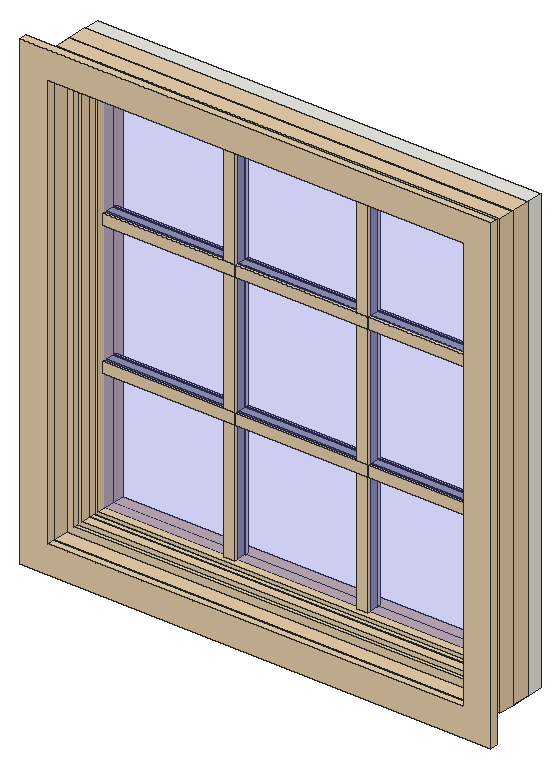
Revit family "1 Window-Picture-Andersen-400_Series_Single", category Windows, host Wall, Revit 2014
Parameters
  XPanelWidth = Width - 0' 1 1/8"  # 2' - 10 7/8"
  XPanelHeight = Height - 0' 1 1/8"  # 2' - 10 7/8"
  Visual Light Transmittance = 0.48  # constant formula
  Thermal Resistance (R) = 0.62871  # 3.5700 (h·ft²·°F)/BTU
  TFL = if(Fractional Lights High > 5, 3, if(or(Fractional Lights High = 4, Fractional Lights High = 5), 2, if(or(Fractional Lights High = 2, Fractional Lights High = 3), 1, 1)))  # 2
  TFB = TFL - 1  # 1
  Solar Heat Gain Coefficient = 0.21  # constant formula
  Learn About These Parameters = "http://www.andersenwindows.com/for-professionals/cad-symbols-bim-support-window-doors/bim-support"
  LWide = if(Enter Pattern Number = 3, 3, if(Enter Pattern Number = 1, . . Lights Wide, Fractional Lights Wide))  # 3
  Heat Transfer Coefficient (U) = 1.5899  # 0.2800 BTU/(h·ft²·°F)
  Glazing Material = Glass ‐ Andersen - Low-E4 SmartSun
  Fractional Lights Wide = 3
  Fractional Lights High = 5
  Exterior Unit Finish = Vinyl - Andersen - White
  Enter Jamb Condition = 1
  ..Jamb Condition Number 1 = "Extension Jamb Only"  # constant formula
  ..Jamb Condition Number 2 = "Narrow Drywall Return"  # constant formula
  ..Jamb Condition Number 3 = "Wide Drywall Return"  # constant formula
  Available Grille Bar Sizes = "3/4'', 7/8'', 1 1/8'', 2 1/4''"  # constant formula
  Between Glass Grille Bar Sizes = "3/4'', 1''"  # constant formula
  Interior Casing = yes
  Grille Bar Size = 0' - 0 7/8"
  Enter Pattern Number = 1
  ..Pattern Number 1 = "Colonial"  # constant formula
  . . Lights Wide = 3
  . . Lights High = 3
  ..Pattern Number 2 = "Modified Colonial"  # constant formula
  ..Pattern Number 3 = "Prairie"  # constant formula
  ..Pattern Number 4 = "Short Fractional"  # constant formula
  ..Pattern Number 5 = "Tall Fractional"  # constant formula
  Extension Jamb = yes
  Enter Exterior Trim Number = 0
  ..Exterior Trim Number 0 = "No Exterior Trim"  # constant formula
  ..Exterior Trim Number 1 = "Brick Mould"  # constant formula
  ..Exterior Trim Number 2 = "3 1/2'' Flat Casing"  # constant formula
  ..Exterior Trim Number 3 = "4 1/2'' Flat Casing"  # constant formula
  Interior Grille Bar = yes
  Exterior Grille Bar = yes
  Between Glass Grille Bar = yes
  xjamb Visibility [instance] = and(and(Enter Jamb Condition = 1, Wall Depth > 0' 2 7/8"), Extension Jamb)  # yes
  xjamb S1 [instance] = if(Wall Depth > 0' 3", Wall Depth - 0' 2 27/32", 0' 3")  # 0' - 1 23/32"
  sill nose1 = 0' - 1 13/16"  # constant formula
  sill nose 2 = 0' - 1 15/16"  # constant formula
  casingS2 = if(Enter Exterior Trim Number = 1, 0' 0 3/16", 0' 0 3/16")  # 0' - 0 3/16"
  casingS1 = if(Enter Exterior Trim Number = 1, 0' 0 7/16", 0' 0 3/16")  # 0' - 0 3/16"
  casing4 = if(Enter Exterior Trim Number = 1, 0' 1 3/4", if(Enter Exterior Trim Number = 2, 0' 3 1/4", 0' 4 1/4"))  # 0' - 4 1/4"
  casing3 = 0' - 0 1/2"  # constant formula
  casing2 = 0' - 0 7/8"  # constant formula
  casing1 = 0' - 0 1/4"  # constant formula
  Xjamb 2 = if(or(Enter Jamb Condition = 2, Enter Jamb Condition = 3), 0' 0 1/32", 0' 0 1/2")  # 0' - 0 1/2"
  Xjamb 1 = if(or(Enter Jamb Condition = 2, Enter Jamb Condition = 3), 0' 0 5/8", 0' 1 3/32")  # 0' - 1 3/32"
  Wall Thickness [instance] = 0' - 6"
  Wall Depth [instance] = 0' - 4 9/16"
  Void Offset 2 = if(Enter Exterior Trim Number > 0, 0' 1 15/16", 0' 0")  # 0' - 0"
  Void Offset 1 = if(Enter Exterior Trim Number > 0, casing4, 0' 0")  # 0' - 0"
  Void Depth [instance] = if(Wall Thickness > Wall Depth, 0' 1" + Wall Thickness - Wall Depth, 0' 1")  # 0' - 2 7/16"
  VeriLock Sensor [instance] = no
  VGB DLO = if(Enter Pattern Number = 3, 0' 4", (H DLO - (Grille Bar Size * (V Bars))) / if(LWide > 2, LWide, 3))  # 0' - 9.91667"
  V Bars = if(Enter Pattern Number = 3, 2, if(LWide > 2, LWide - 1, 2))  # 2
  URL = "www.andersenwindows.com"
  Type Comments = "Vinyl-clad wood casement/awning picture window"
  TS V DLO = Height - HGO - SGO  # 2' - 7 1/2"
  TS V Bar Length = if(or(Enter Pattern Number = 5, Enter Pattern Number = 2), ((((Height - HGO - SGO - (Grille Bar Size * (Fractional Lights High - 1))) / Fractional Lights High)) * TFL) + (TFB * Grille Bar Size), if(Enter Pattern Number = 4, ((Height - HGO - SGO - (Grille Bar Size * (Fractional Lights High - 1))) / Fractional Lights High), Height - HGO - SGO))  # 2' - 7 1/2"
  TS SH DLO = if(or(Enter Pattern Number = 5, Enter Pattern Number = 2), ((((Height - HGO - SGO - (Grille Bar Size * (Fractional Lights High - 1))) / Fractional Lights High)) * TFL) + (TFB * Grille Bar Size) + HGO + (Grille Bar Size / 2), if(Enter Pattern Number = 4, TS V Bar Length + HGO + (Grille Bar Size / 2), (TS V DLO / 2) + HGO))  # 1' - 6"
  TS S V = or(and(LWide = 2, Enter Pattern Number = 1), and(Fractional Lights Wide = 2, or(or(Enter Pattern Number = 2, Enter Pattern Number = 4), Enter Pattern Number = 5)))  # no
  TS S H Craftsman = and(Enter Pattern Number = 2, or(Fractional Lights High = 4, Fractional Lights High = 5))  # no
  TS S H = or(or(or(and(. . Lights High = 2, Enter Pattern Number = 1), and(Enter Pattern Number = 4, Fractional Lights High > 1)), and(Enter Pattern Number = 5, Fractional Lights High > 1)), and(Enter Pattern Number = 2, Fractional Lights High > 1))  # no
  TS M V = LWide > 2  # yes
  TS M H = or(or(Enter Pattern Number = 3, and(. . Lights High > 2, Enter Pattern Number = 1)), and(Enter Pattern Number = 2, Fractional Lights High > 5))  # yes
  TS HGB DLO = if(Enter Pattern Number = 1, if(. . Lights High > 2, ((TS V Bar Length - (Grille Bar Size * (. . Lights High - 1))) / . . Lights High), 0' 4"), if(Enter Pattern Number = 3, 0' 4", if(Fractional Lights High > 2, ((TS V Bar Length - (Grille Bar Size * 2)) / 3), 0' 4")))  # 0' - 9.91667"
  TS H Bars = if(Enter Pattern Number = 3, 2, if(Enter Pattern Number = 1, if(. . Lights High > 2, . . Lights High - 1, 2), 2))  # 2
  Step Visibility = or(Enter Jamb Condition = 2, Enter Jamb Condition = 3)  # no
  Step Jamb2 = if(Enter Jamb Condition = 2, 0' 0 1/4", 0' 0 13/16")  # 0' - 0 13/16"
  Step Jamb1 = 0' - 1 1/8"  # constant formula
  Sill Stop Dim [instance] = 0' - 2 1/2"
  SGO = 0' - 2 1/4"  # constant formula
  Rough Width = Width + (Rough Opening Offset * 2)  # 3' - 0 1/2"
  Rough Opening Offset = 0' - 0 1/4"
  Rough Height = Height + (Rough Opening Offset * 2)  # 3' - 0 1/2"
  Push Out Stop Visibility [instance] = no
  Product Documentation Link = "https://www.andersenwindows.com/windows-and-doors/windows/picture-windows/400-series-picture-window/"
  Plan Exterior Mask Visibility [instance] = Plan Exterior Mask 2 > 0' 0 1/32"  # yes
  Plan Exterior Mask 2 [instance] = if(Enter Exterior Trim Number > 0, if(Wall Depth + 0' 1 1/16" + casingS1 > Wall Thickness, 0' 0 1/32", Wall Thickness - Wall Depth - 0' 1 1/16" - casingS1), if(Wall Depth + 0' 1 1/16" > Wall Thickness, 0' 0 1/32", Wall Thickness - Wall Depth - 0' 0 1/16"))  # 0' - 1 3/8"
  Plan Exterior Mask [instance] = if(Enter Exterior Trim Number > 0, 0' 1 1/16" + casingS1, 0' 1 1/16")  # 0' - 1 1/16"
  Nail Fin Visibility = Enter Exterior Trim Number = 0  # yes
  Model = "400-Series Casement/Awning Picture"  # constant formula
  Masonry Width = if(Enter Exterior Trim Number > 0, Width + ((casing4 + Masonry Opening Offset) * 2), Width + (Masonry Opening Offset * 2))  # 3' - 0 1/2"
  Masonry Opening Offset = 0' - 0 1/4"
  Masonry Height = if(Enter Exterior Trim Number > 0, Height + (casing4 + Masonry Opening Offset) + (sill nose 2 + Masonry Opening Offset), Height + (Masonry Opening Offset * 2))  # 3' - 0 1/2"
  Manufacturer = "Andersen Corporation"  # constant formula
  JGO = 0' - 2 1/4"  # constant formula
  Interior Trim Visibility = and(Enter Jamb Condition = 1, Interior Casing)  # yes
  Interior Material = Wood - Andersen - Pine
  Interior Casing Size = 0' - 2 1/4"
  Horizontal Craftsman Bar Size = 0' - 0 7/8"
  Height = 3' - 0"
  Head Stop Dim [instance] = 0' - 2 17/64"
  HGO = 0' - 2 1/4"  # constant formula
  H DLO = Width - (JGO * 2)  # 2' - 7 1/2"
  Family Version = "01.01.19"  # constant formula
  Exterior Trim Finish = Fibrex Composite - Andersen - White
  Designation = "P"
  Description = "Vinyl-clad wood casement/awning picture window"  # constant formula
  Default Sill Height = 6' 10 1/2" - Rough Height  # 3' - 10"
  Wall Closure = By host
  Width = 3' - 0"
  Crank Out Stop Visibility [instance] = yes
  Coarse Plan [instance] = if(Wall Depth < Wall Thickness, Wall Depth, Wall Thickness)  # 0' - 4 9/16"
  Casing Visibility = Enter Exterior Trim Number > 0  # no
  Between Glass Grille Bar Finish = Stainless Steel - Andersen - Standard
  Bar Center Line = if(Enter Pattern Number = 3, 1, 2)  # 2
  Assembly Code = "B2020100"
Reference planes (in)
  plane 1 "Center (Front/Back)": y = 0
  plane 2: z = 0
  plane 3 "Center (Left/Right)": x = 0
  plane 4 "R Frame": x = -18
  plane 5 "L Frame": x = 18
  plane 6 "B Frame": z = 46.25
  plane 7 "T Frame": z = 82.25
  plane 8 "L Glazing": x = 15.75
  plane 9 "L Ext Frame": x = 17.4375
  plane 10 "L Stop": x = 16
  plane 11 "L Xjamb 1": x = 16.90625
  plane 12 "L Casing 1": x = 17.75
  plane 13 "L Xjamb 2": x = 17.5
  plane 14 "L Rough Opening": x = 18.25
  plane 15 "L Casing 2": x = 21.375
  plane 16 "L Casing 3": x = 21.75
  plane 17 "L Casing 4": x = 22.25
  plane 18 "R Glazing": x = -15.75
  plane 19 "R Ext Frame": x = -17.4375
  plane 20 "R Stop": x = -16
  plane 21 "R Xjamb 1": x = -16.90625
  plane 22 "R Casing 1": x = -17.75
  plane 23 "R Xjamb 2": x = -17.5
  plane 24 "R Rough Opening": x = -18.25
  plane 25 "R Casing 2": x = -21.375
  plane 26 "R Casing 3": x = -21.75
  plane 27 "R Casing 4": x = -22.25
  plane 28 "R Int Casing": x = -19.15625
  plane 29 "T Ext Frame": z = 81.68689
  plane 30 "T Xjamb 1": z = 81.125
  plane 31 "T Casing 1": z = 82
  plane 32 "T Xjamb 2": z = 81.75
  plane 33 "T Rough Opening": z = 82.5
  plane 34 "T Casing 2": z = 85.625
  plane 35 "T Casing 3": z = 86
  plane 36 "T Casing 4": z = 86.5
  plane 37 "T Int Casing": z = 83.375
  plane 38 "B Ext Frame": z = 46.81311
  plane 39 "B Xjamb 2": z = 46.75
  plane 40 "B Casing 1": z = 46.5
  plane 41 "B Casing 2": z = 44.3125
  plane 42 "B Int Casing": z = 45.125
  plane 43 "L Int Casing": x = 19.15625
  plane 44 "Casing S1": y = 3.062
  plane 45 "Casing S2": y = 3.062
  plane 46 "Frame S1": y = 2.8745
  plane 47 "Flange": y = 1.5625
  plane 48 "Sash1 S2": y = 0
  plane 49 "Frame S2": y = -1.2855
  plane 50 "B Xjamb 1": z = 47.375
  plane 51 "Exterior Offset": y = 4
  plane 52 "Interior Casing": y = -3.625
  plane 53 "B Rough Opening": z = 46
  plane 54 "R Masonry Opening": x = -22.5
  plane 55 "L Masonry Opening": x = 22.5
  plane 56 "T Masonry Opening": z = 86.75
  plane 57 "B Masonry Opening": z = 44.0625
  plane 58 "Xjamb S1": y = -1.28125
  plane 59 "Sash1 S1": y = 2.5625
  plane 60 "Stop S1": y = -1.6875
  plane 61 "T Int Frame": z = 81.125
  plane 62 "B Int Frame": z = 47.375
  plane 63 "L Int Frame": x = 16.891
  plane 64 "R Int Frame": x = -16.891
  plane 65 "T Stop": z = 80.25
  plane 66 "B Stop": z = 48.25
Forms (in)
  Extrusion 1, void
    sketch origin (0, 0, 0) x (1, 0, 0) y (0, 0, 1)
      loop
        line (18, 82.25) -> (-18, 82.25) -> (-18, 46.25) -> (18, 46.25) -> (18, 82.25)
    from -1.5625 to 3
  Extrusion 2, void
    sketch origin (0, 0, 0) x (1, 0, 0) y (0, 0, 1)
      loop
        line (18, 82.25) -> (-18, 82.25) -> (-18, 46.25) -> (18, 46.25) -> (18, 82.25)
    from -15 to -1.5625
  Extrusion 3, solid, material "Wood - Andersen - Pine" <- "Interior Material", visible <- "xjamb Visibility", detail levels medium+fine
    sketch origin (0, -2.5625, 0) x (-1, 0, 0) y (0, 0, 1)
      loop
        line (17.5, 81.75) -> (-17.5, 81.75) -> (-17.5, 46.75) -> (17.5, 46.75) -> (17.5, 81.75)
      loop
        line (16.90625, 81.125) -> (-16.90625, 81.125) -> (-16.90625, 47.375) -> (16.90625, 47.375) -> (16.90625, 81.125)
    from 1.28125 to -0.4375
  Extrusion 4, solid, material "Wood - Andersen - Pine" <- "Interior Material", visible <- "Interior Trim Visibility", detail levels fine
    sketch origin (0, -3.625, 0) x (-1, 0, 0) y (0, 0, 1)
      loop
        line (19.15625, 83.375) -> (-19.15625, 83.375) -> (-19.15625, 45.125) -> (19.15625, 45.125) -> (19.15625, 83.375)
      loop
        line (16.90625, 81.125) -> (-16.90625, 81.125) -> (-16.90625, 47.375) -> (16.90625, 47.375) -> (16.90625, 81.125)
    from 0 to 0.625
  Extrusion 5, solid, material "Fibrex Composite - Andersen - White" <- "Exterior Trim Finish", visible <- "Casing Visibility", detail levels medium+fine
    sketch origin (0, 0, 0) x (0, 1, 0) y (0, 0, 1)
      loop
        line (2.31163, 46.25) -> (1.5625, 46.25) -> (1.5625, 44.3125) -> (3.375, 44.3125) -> (3.375, 46.0625) -> (2.31163, 46.25)
    from -22.25 to 22.25
  Sweep 6, solid, material "Fibrex Composite - Andersen - White" <- "Exterior Trim Finish", visible <- "Casing Visibility", detail levels medium+fine
    path origin (0, 1.5625, 0) x (-1, 0, 0) y (0, 0, 1)
      loop
        line (-22.25, 44.3125) -> (-22.25, 86.5) -> (22.25, 86.5) -> (22.25, 44.3125)
    profile origin (22.25, 1.5625, 65.40625) x (1, 0, 0) y (0, 1, 0)
      loop
        line (-0.875, 1.4995) -> (-4.5, 1.4995) -> (-4.5, 0) -> (0, 0) -> (0, 1.4995) -> (-0.5, 1.4995) -> (-0.875, 1.4995)
  Extrusion 7, solid, material "Fibrex Composite - Andersen - White" <- "Exterior Trim Finish", visible <- "Casing Visibility", detail levels coarse
    sketch origin (0, 1.5625, 0) x (-1, 0, 0) y (0, 0, 1)
      loop
        line (-22.25, 86.5) -> (-22.25, 44.3125) -> (22.25, 44.3125) -> (22.25, 86.5) -> (-22.25, 86.5)
      loop
        line (-17.75, 82) -> (-17.75, 46.25) -> (17.75, 46.25) -> (17.75, 82) -> (-17.75, 82)
    from 0 to 1.4995
  Extrusion 8, solid, material "Wood - Andersen - Pine" <- "Interior Material", detail levels medium+fine
    sketch origin (0, 0, 0) x (-1, 0, 0) y (0, 0, 1)
      loop
        line (17.42, 81.5) -> (-17.42, 81.5) -> (-17.42, 46.99975) -> (17.42, 46.99975) -> (17.42, 81.5)
      loop
        line (15.75, 80) -> (-15.75, 80) -> (-15.75, 48.5) -> (15.75, 48.5) -> (15.75, 80)
    from 0 to 1.5625
  Extrusion 9, solid, material "Vinyl - Andersen - White" <- "Exterior Unit Finish", detail levels medium+fine
    sketch origin (0, 0, 0) x (1, 0, 0) y (0, 0, 1)
      loop
        line (18, 82.25) -> (-18, 82.25) -> (-18, 46.25) -> (18, 46.25) -> (18, 82.25)
      loop
        line (17.4375, 81.68689) -> (-17.4375, 81.68689) -> (-17.4375, 46.81311) -> (17.4375, 46.81311) -> (17.4375, 81.68689)
    from -2.8745 to 0
  Extrusion 10, solid, material "Wood - Andersen - Pine" <- "Interior Material", detail levels medium+fine
    sketch origin (0, 0, 0) x (1, 0, 0) y (0, 0, 1)
      loop
        line (18, 82.25) -> (-18, 82.25) -> (-18, 46.25) -> (18, 46.25) -> (18, 82.25)
      loop
        line (16.891, 81.125) -> (-16.891, 81.125) -> (-16.891, 47.375) -> (16.891, 47.375) -> (16.891, 81.125)
    from 0 to 1.2855
  Extrusion 11, solid, material "Wood - Andersen - Pine" <- "Interior Material"
    sketch origin (0, 0, 0) x (1, 0, 0) y (0, 1, 0)
      loop
        line (-16.891, -1.6875) -> (-16.3125, -1.6875) -> (-16.3125, -0.4375) -> (-16, -0.4375) -> (-16, 0) -> (-16.891, 0) -> (-16.891, -1.6875)
      loop
        line (16.891, -1.6875) -> (16.891, 0) -> (16, 0) -> (16, -0.4375) -> (16.3125, -0.4375) -> (16.3125, -1.6875) -> (16.891, -1.6875)
    from 47.375 to 81.125
  Sweep 12, solid, material "Wood - Andersen - Pine" <- "Interior Material", visible <- "Step Visibility"
    path origin (0, 1.5625, 0) x (-1, 0, 0) y (0, 0, 1)
      loop
        line (18, 46.25) -> (18, 82.25) -> (-18, 82.25) -> (-18, 46.25) -> (18, 46.25)
    profile origin (-18, 1.5625, 64.25) x (1, 0, 0) y (0, 1, 0)
      loop
        line (0, -2.848) -> (0, -3.6605) -> (1.09375, -3.6605) -> (1.09375, -2.848) -> (0, -2.848)
  Extrusion 13, solid, material "Wood - Andersen - Pine" <- "Interior Material"
    sketch origin (0, 0, 0) x (0, 1, 0) y (0, 0, 1)
      loop
        line (-1.6875, 81.125) -> (-1.6875, 80.5625) -> (-0.4375, 80.5625) -> (-0.4375, 80.25) -> (0, 80.25) -> (0, 81.125) -> (-1.6875, 81.125)
      loop
        line (-0.4375, 48.25) -> (-0.4375, 47.9375) -> (-1.6875, 47.9375) -> (-1.6875, 47.375) -> (0, 47.375) -> (0, 48.25) -> (-0.4375, 48.25)
    from -16.891 to 16.891
  Sweep 14, solid, material "Wood - Andersen - Pine" <- "Interior Material"
    path origin (0, 1.5625, 0) x (-1, 0, 0) y (0, 0, 1)
      loop
        line (-18, 82.25) -> (-18, 46.25) -> (18, 46.25) -> (18, 82.25) -> (-18, 82.25)
    profile origin (18, 1.5625, 64.25) x (0, 1, 0) y (-1, 0, 0)
      loop
        line (0, 2.25) -> (-1.5625, 2.25) -> (-1.5625, 2) -> (-2.848, 2) -> (-2.848, 0) -> (0, 0) -> (0, 2.25)
Cuts and joins
  joined: Extrusion 5, Sweep 6
  joined: Extrusion 11, Extrusion 13
Lines and regions (in)
  Masking region 1, detail levels medium+fine
    outline origin (0, 0, 46.81311) x (0, -1, 0) y (1, 0, 0)
      loop
        line (-2.8745, -18) -> (1.2855, -18) -> (1.2855, -16.891) -> (1.6875, -16.891) -> (1.6875, 16.891) -> (1.2855, 16.891) -> (1.2855, 18) -> (-2.8745, 18) -> (-2.8745, -18)
  Masking region 2, visible <- "Casing Visibility", detail levels medium+fine
    outline origin (0, 0, 46.25) x (0, -1, 0) y (1, 0, 0)
      loop
        line (-2.8745, -18) -> (-2.8745, 18) -> (-1.5625, 18) -> (-1.5625, 22.25) -> (-3.062, 22.25) -> (-3.062, -22.25) -> (-1.5625, -22.25) -> (-1.5625, -18) -> (-2.8745, -18)
  Masking region 3, visible <- "Nail Fin Visibility", detail levels coarse
    outline origin (0, 0, 46.25) x (0, -1, 0) y (1, 0, 0)
      loop
        line (-4, -18) -> (3, -18) -> (3, 18) -> (-4, 18) -> (-4, -18)
  Masking region 4
    outline origin (0, 0, 0) x (0, 1, 0) y (0, 0, 1)
      loop
        line (2.8745, 82.25) -> (-1.2855, 82.25) -> (-1.2855, 81.125) -> (-1.6875, 81.125) -> (-1.6875, 47.375) -> (-1.2855, 47.375) -> (-1.2855, 46.25) -> (2.8745, 46.25) -> (2.8745, 82.25)
  Masking region 5, visible <- "Casing Visibility"
    outline origin (0, 0, 0) x (0, 1, 0) y (0, 0, 1)
      loop
        line (2.8745, 46.15075) -> (2.8745, 46.25) -> (1.5625, 46.25) -> (1.5625, 44.3125) -> (3.375, 44.3125) -> (3.375, 46.0625) -> (2.8745, 46.15075)
  Masking region 6, visible <- "Casing Visibility"
    outline origin (0, 0, 0) x (0, 1, 0) y (0, 0, 1)
      loop
        line (2.8745, 82.25) -> (2.8745, 46.15075) -> (3.062, 46.11769) -> (3.062, 86.5) -> (1.5625, 86.5) -> (1.5625, 82.25) -> (2.8745, 82.25)
  Masking region 7, visible <- "Casing Visibility", detail levels coarse
    outline origin (0, 0, 46.25) x (0, -1, 0) y (1, 0, 0)
      loop
        line (-4, -22.25) -> (-1.5625, -22.25) -> (-1.5625, -18) -> (3, -18) -> (3, 18) -> (-1.5625, 18) -> (-1.5625, 22.25) -> (-4, 22.25) -> (-4, -22.25)
  Masking region 8, visible <- "Step Visibility", detail levels medium+fine
    outline origin (0, 0, 0) x (0, 1, 0) y (0, 0, 1)
      loop
        line (-1.28125, 82.25) -> (-2.098, 82.25) -> (-2.098, 46.25) -> (-1.28125, 46.25) -> (-1.28125, 47.375) -> (-1.6875, 47.375) -> (-1.6875, 81.125) -> (-1.28125, 81.125) -> (-1.28125, 82.25)
  Masking region 9, visible <- "xjamb Visibility", detail levels medium+fine
    outline origin (0, 0, 0) x (0, 1, 0) y (0, 0, 1)
      loop
        line (-1.28125, 81.75) -> (-3, 81.75) -> (-3, 46.75) -> (-1.28125, 46.75) -> (-1.28125, 47.375) -> (-1.6875, 47.375) -> (-1.6875, 81.125) -> (-1.28125, 81.125) -> (-1.28125, 81.75)
  Masking region 10, visible <- "Interior Trim Visibility", detail levels fine
    outline origin (0, 0, 0) x (0, 1, 0) y (0, 0, 1)
      loop
        line (-3, 83.375) -> (-3.625, 83.375) -> (-3.625, 45.125) -> (-3, 45.125) -> (-3, 83.375)
  Masking region 11, visible <- "Step Visibility", detail levels medium+fine
    outline origin (0, 0, 46.25) x (0, -1, 0) y (1, 0, 0)
      loop
        line (1.28125, -18) -> (2.098, -18) -> (2.098, 18) -> (1.28125, 18) -> (1.28125, 16.891) -> (1.6875, 16.891) -> (1.6875, -16.891) -> (1.28125, -16.891) -> (1.28125, -18)
  Masking region 12, visible <- "xjamb Visibility", detail levels medium+fine
    outline origin (0, 0, 46.25) x (0, -1, 0) y (1, 0, 0)
      loop
        line (1.28125, -17.5) -> (3, -17.5) -> (3, 17.5) -> (1.28125, 17.5) -> (1.28125, 16.891) -> (1.6875, 16.891) -> (1.6875, -16.891) -> (1.28125, -16.891) -> (1.28125, -17.5)
  Masking region 13, visible <- "Interior Trim Visibility", detail levels fine
    outline origin (0, 0, 46.25) x (0, -1, 0) y (1, 0, 0)
      loop
        line (3, -19.15625) -> (3.625, -19.15625) -> (3.625, 19.15625) -> (3, 19.15625) -> (3, -19.15625)
  symbolic lines, style "WindowsFrameMullionProjection", visible <- "Casing Visibility", detail levels fine
    curve 1: line (21.75, 3.062, 46.25) -> (21.375, 3.062, 46.25)
    curve 2: line (21.375, 3.062, 46.25) -> (17.75, 3.062, 46.25)
    curve 3: line (-21.75, 3.062, 46.25) -> (-21.375, 3.062, 46.25)
    curve 4: line (-21.375, 3.062, 46.25) -> (-17.75, 3.062, 46.25)
    curve 5: line (-17.75, 3.062, 46.25) -> (-17.75, 2.8745, 46.25)
    curve 164: line (17.75, 3.062, 46.25) -> (17.75, 2.8745, 46.25)
  symbolic lines, style "WindowsFrameMullionProjection", detail levels medium
    curve 6: line (-15.75, 2.5625, 46.25) -> (-15.75, -1.6875, 46.25)
    curve 7: line (15.75, 2.5625, 46.25) -> (15.75, -1.6875, 46.25)
    curve 165: line (-17.4375, 2.8745, 46.25) -> (-17.4375, 2.5625, 46.25)
    curve 166: line (-15.75, 2.5625, 46.25) -> (-17.4375, 2.5625, 46.25)
    curve 167: line (17.4375, 2.8745, 46.25) -> (17.4375, 2.5625, 46.25)
    curve 168: line (17.4375, 2.5625, 46.25) -> (15.75, 2.5625, 46.25)
  symbolic lines, style "WindowsFrameMullionProjection", detail levels coarse
    curve 8: line (-15.75, -3, 46.25) -> (-15.75, 4, 46.25)
    curve 9: line (15.75, -3, 46.25) -> (15.75, 4, 46.25)
  symbolic lines, style "WindowsGlassProjection", detail levels coarse
    curve 10: line (-15.75, 0, 46.25) -> (15.75, 0, 46.25)
    curve 11: line (-15.75, 1, 46.25) -> (15.75, 1, 46.25)
  symbolic lines, style "WindowsFrameMullionProjection", visible <- "Casing Visibility"
    curve 12: line (0, 3.062, 86) -> (0, 3.062, 85.625)
    curve 13: line (0, 3.062, 85.625) -> (0, 3.062, 82)
    curve 14: line (0, 3.062, 82) -> (0, 2.8745, 82)
    curve 108: line (-22.25, 3.062, 46.25) -> (-22.25, 1.5625, 46.25)
    curve 110: line (22.25, 3.062, 46.25) -> (22.25, 1.5625, 46.25)
    curve 112: line (0, 3.062, 86.5) -> (0, 1.5625, 86.5)
    curve 114: line (0, 3.062, 44.3125) -> (0, 1.5625, 44.3125)
  symbolic lines, style "WindowsFrameMullionProjection", visible <- "Casing Visibility", detail levels medium
    curve 15: line (-18, 2.8745, 46.25) -> (-18, 3.062, 46.25)
    curve 16: line (18, 3.062, 46.25) -> (18, 2.8745, 46.25)
  symbolic lines, style "WindowsFrameMullionProjection", visible <- "Nail Fin Visibility", detail levels medium+fine
    curve 17: line (-18, 1.5625, 0) -> (-19.5, 1.5625, 0)
    curve 39: line (18, 1.5625, 0) -> (19.5, 1.5625, 0)
  symbolic lines, style "WindowsFrameMullionProjection", detail levels fine
    curve 18: line (-16, 0, 0) -> (-16, -0.4375, 0)
    curve 19: line (-17.3575, 2.4375, 0) -> (-17.3575, 2.5625, 0)
    curve 20: line (-17.3575, 2.5625, 0) -> (-16.30567, 2.5625, 0)
    curve 23: line (-15.81277, 0, 0) -> (-15.75, 0.6875, 0)
    curve 31: line (-15.81277, 2.1875, 0) -> (-15.75, 1.5625, 0)
    curve 35: line (-15.875, 0.8125, 0) -> (-15.875, 1.4375, 0)
    curve 40: line (16, 0, 0) -> (16, -0.4375, 0)
    curve 41: line (17.3575, 2.4375, 0) -> (17.3575, 2.5625, 0)
    curve 42: line (17.3575, 2.5625, 0) -> (16.30567, 2.5625, 0)
    curve 45: line (15.81277, 0, 0) -> (15.75, 0.6875, 0)
    curve 46: line (15.81277, 2.1875, 0) -> (15.75, 1.5625, 0)
    curve 49: line (15.875, 0.8125, 0) -> (15.875, 1.4375, 0)
    curve 61: line (0, 1.4375, 80.125) -> (0, 0.8125, 80.125)
    curve 66: line (-16, -0.4375, 0) -> (-16.3125, -0.4375, 0)
    curve 67: line (-16.3125, -0.4375, 0) -> (-16.3125, -1.6875, 0)
    curve 70: line (16, -0.4375, 0) -> (16.3125, -0.4375, 0)
    curve 71: line (16.3125, -0.4375, 0) -> (16.3125, -1.6875, 0)
    curve 85: line (-17.3575, 2.4375, 0) -> (-17.4375, 2.4375, 0)
    curve 86: line (-16.25253, 2.1875, 0) -> (-15.81277, 2.1875, 0)
    curve 87: line (-16.625, 0, 0) -> (-15.81277, 0, 0)
    curve 88: line (-16.625, -1.09375, 0) -> (-16.891, -1.09375, 0)
    curve 93: line (17.3575, 2.4375, 0) -> (17.4375, 2.4375, 0)
    curve 94: line (16.25253, 2.1875, 0) -> (15.81277, 2.1875, 0)
    curve 95: line (16.625, 0, 0) -> (15.81277, 0, 0)
    curve 96: line (16.625, -1.09375, 0) -> (16.891, -1.09375, 0)
    curve 97: line (-17.4375, 2.4375, 0) -> (-17.4375, 2.8745, 0)
    curve 99: line (17.4375, 2.4375, 0) -> (17.4375, 2.8745, 0)
    curve 100: line (-16.30567, 2.5625, 0) -> (-16.25253, 2.1875, 0)
    curve 102: line (16.30567, 2.5625, 0) -> (16.25253, 2.1875, 0)
    curve 137: line (-16.625, 1.5625, 0) -> (-16.625, -1.09375, 0)
    curve 139: line (16.625, 1.5625, 0) -> (16.625, -1.09375, 0)
    curve 140: line (-16.891, -1.09375, 0) -> (-16.891, -1.2855, 0)
    curve 142: line (16.891, -1.09375, 0) -> (16.891, -1.2855, 0)
    curve 154: line (0, 1.4375, 48.375) -> (0, 0.8125, 48.375)
  symbolic lines, style "WindowsGlassProjection", detail levels fine
    curve 21: line (-15.75, 1.5625, 0) -> (-16.625, 1.5625, 0)
    curve 22: line (-15.75, 0.6875, 0) -> (-16.625, 0.6875, 0)
    curve 33: line (-15.75, 1.4375, 0) -> (-16.625, 1.4375, 0)
    curve 34: line (-15.75, 0.8125, 0) -> (-16.625, 0.8125, 0)
    curve 43: line (15.75, 1.5625, 0) -> (16.625, 1.5625, 0)
    curve 44: line (15.75, 0.6875, 0) -> (16.625, 0.6875, 0)
    curve 47: line (15.75, 1.4375, 0) -> (16.625, 1.4375, 0)
    curve 48: line (15.75, 0.8125, 0) -> (16.625, 0.8125, 0)
    curve 59: line (0, 1.4375, 80.89) -> (0, 1.4375, 80)
    curve 60: line (0, 0.8125, 80.89) -> (0, 0.8125, 80)
    curve 152: line (0, 1.4375, 47.61) -> (0, 1.4375, 48.5)
    curve 153: line (0, 0.8125, 47.61) -> (0, 0.8125, 48.5)
  symbolic lines, style "WindowsFrameMullionProjection", visible <- "Nail Fin Visibility", not visible, detail levels medium+fine
    curve 24: line (-35.18862, 120.69666, 0) -> (-36.68862, 120.69666, 0)
  symbolic lines, style "WindowsFrameMullionProjection", not visible, detail levels fine
    curve 25: line (-33.18862, 119.13416, 0) -> (-33.18862, 118.69666, 0)
    curve 26: line (-34.54612, 121.57166, 0) -> (-34.54612, 121.69666, 0)
    curve 27: line (-34.54612, 121.69666, 0) -> (-33.49429, 121.69666, 0)
    curve 30: line (-33.00138, 119.13416, 0) -> (-32.93862, 119.82166, 0)
    curve 32: line (-33.00138, 121.32166, 0) -> (-32.93862, 120.69666, 0)
    curve 38: line (-33.06362, 119.94666, 0) -> (-33.06362, 120.57166, 0)
    curve 68: line (-33.18862, 118.69666, 0) -> (-33.50112, 118.69666, 0)
    curve 69: line (-33.50112, 118.69666, 0) -> (-33.50112, 117.44666, 0)
    curve 89: line (-34.54612, 121.57166, 0) -> (-34.62612, 121.57166, 0)
    curve 90: line (-33.44115, 121.32166, 0) -> (-33.00138, 121.32166, 0)
    curve 91: line (-33.81362, 119.13416, 0) -> (-33.00138, 119.13416, 0)
    curve 92: line (-33.81362, 118.04041, 0) -> (-34.07962, 118.04041, 0)
    curve 98: line (-34.62612, 121.57166, 0) -> (-34.62612, 122.00866, 0)
    curve 101: line (-33.49429, 121.69666, 0) -> (-33.44115, 121.32166, 0)
    curve 127: line (0, 1.4375, 80.125) -> (0, 0.8125, 80.125)
    curve 138: line (-33.81362, 120.69666, 0) -> (-33.81362, 118.04041, 0)
    curve 141: line (-34.07962, 118.04041, 0) -> (-34.07962, 117.84866, 0)
  symbolic lines, style "WindowsGlassProjection", not visible, detail levels fine
    curve 28: line (-32.93862, 120.69666, 0) -> (-33.81362, 120.69666, 0)
    curve 29: line (-32.93862, 119.82166, 0) -> (-33.81362, 119.82166, 0)
    curve 36: line (-32.93862, 120.57166, 0) -> (-33.81362, 120.57166, 0)
    curve 37: line (-32.93862, 119.94666, 0) -> (-33.81362, 119.94666, 0)
    curve 125: line (0, 1.4375, 80.89) -> (0, 1.4375, 80)
    curve 126: line (0, 0.8125, 80.89) -> (0, 0.8125, 80)
  symbolic lines, style "WindowsFrameMullionProjection"
    curve 50: line (0, 2.4375, 81.6875) -> (0, 2.8745, 81.6875)
    curve 51: line (0, -1.2855, 81.125) -> (0, -1.0925, 81.125)
    curve 52: line (0, 0, 80.25) -> (0, -0.4375, 80.25)
    curve 53: line (0, 0, 80.89) -> (0, 0, 80.11677)
    curve 55: line (0, 2.5625, 80.625) -> (0, 2.5625, 81.625)
    curve 56: line (0, 2.5625, 81.625) -> (0, 2.4375, 81.625)
    curve 57: line (0, 2.4375, 81.6875) -> (0, 2.4375, 81.625)
    curve 58: line (0, 0.6875, 80) -> (0, 0, 80.11677)
    curve 62: line (0, 2.1875, 80.55427) -> (0, 2.1875, 80.11677)
    curve 63: line (0, 2.1875, 80.11677) -> (0, 1.5625, 80)
    curve 103: line (0, 2.5625, 80.625) -> (0, 2.1875, 80.55427)
    curve 104: line (0, 1.5625, 80.89) -> (0, -1.0925, 80.89)
    curve 105: line (0, -1.0925, 81.125) -> (0, -1.0925, 80.89)
    curve 106: line (0, -0.4375, 80.5625) -> (0, -0.4375, 80.25)
    curve 107: line (0, -0.4375, 80.5625) -> (0, -1.6875, 80.5625)
    curve 109: line (-18, 1.5625, 46.25) -> (-18, -1.2855, 46.25)
    curve 111: line (18, 1.5625, 46.25) -> (18, -1.2855, 46.25)
    curve 113: line (0, 2.8745, 82.25) -> (0, -1.2855, 82.25)
    curve 115: line (0, 2.8745, 46.25) -> (0, -1.2855, 46.25)
    curve 143: line (0, 2.4375, 46.8125) -> (0, 2.8745, 46.8125)
    curve 144: line (0, -1.2855, 47.375) -> (0, -1.0925, 47.375)
    curve 145: line (0, 0, 48.25) -> (0, -0.4375, 48.25)
    curve 146: line (0, 0, 47.61) -> (0, 0, 48.38323)
    curve 148: line (0, 2.5625, 47.875) -> (0, 2.5625, 46.875)
    curve 149: line (0, 2.5625, 46.875) -> (0, 2.4375, 46.875)
    curve 150: line (0, 2.4375, 46.8125) -> (0, 2.4375, 46.875)
    curve 151: line (0, 0.6875, 48.5) -> (0, 0, 48.38323)
    curve 155: line (0, 2.1875, 47.94573) -> (0, 2.1875, 48.38323)
    curve 156: line (0, 2.1875, 48.38323) -> (0, 1.5625, 48.5)
    curve 159: line (0, 2.5625, 47.875) -> (0, 2.1875, 47.94573)
    curve 160: line (0, 1.5625, 47.61) -> (0, -1.0925, 47.61)
    curve 161: line (0, -1.0925, 47.375) -> (0, -1.0925, 47.61)
    curve 162: line (0, -0.4375, 47.9375) -> (0, -0.4375, 48.25)
    curve 163: line (0, -0.4375, 47.9375) -> (0, -1.6875, 47.9375)
  symbolic lines, style "WindowsGlassProjection"
    curve 54: line (0, 0.6875, 80) -> (0, 0.6875, 80.89)
    curve 64: line (0, 1.5625, 80) -> (0, 1.5625, 80.89)
    curve 147: line (0, 0.6875, 48.5) -> (0, 0.6875, 47.61)
    curve 157: line (0, 1.5625, 48.5) -> (0, 1.5625, 47.61)
  symbolic lines, style "WindowsFrameMullionProjection", visible <- "Nail Fin Visibility"
    curve 65: line (0, 1.5625, 83.875) -> (0, 1.5625, 82.25)
    curve 158: line (0, 1.5625, 44.625) -> (0, 1.5625, 46.25)
  symbolic lines, style "InvisibleLines", detail levels coarse
    curve 72: line (-18, -3, 0) -> (18, -3, 0)
  symbolic lines, style "WindowsFrameMullionProjection", visible <- "Step Visibility", detail levels medium+fine
    curve 73: line (0, -1.28125, 81.125) -> (0, -2.098, 81.125)
    curve 76: line (0, -1.28125, 47.375) -> (0, -2.098, 47.375)
    curve 79: line (-16.891, -1.28125, 46.25) -> (-16.891, -2.098, 46.25)
    curve 82: line (16.891, -1.28125, 46.25) -> (16.891, -2.098, 46.25)
  symbolic lines, style "WindowsFrameMullionProjection", visible <- "xjamb Visibility", detail levels medium+fine
    curve 74: line (0, -1.28125, 81.125) -> (0, -3, 81.125)
    curve 77: line (0, -1.28125, 47.375) -> (0, -3, 47.375)
    curve 80: line (-16.90625, -1.28125, 46.25) -> (-16.90625, -3, 46.25)
    curve 83: line (16.90625, -1.28125, 46.25) -> (16.90625, -3, 46.25)
  symbolic lines, style "WindowsFrameMullionProjection", visible <- "Interior Trim Visibility", detail levels fine
    curve 75: line (0, -3, 81.125) -> (0, -3.625, 81.125)
    curve 78: line (0, -3, 47.375) -> (0, -3.625, 47.375)
    curve 81: line (-16.90625, -3, 46.25) -> (-16.90625, -3.625, 46.25)
    curve 84: line (16.90625, -3, 46.25) -> (16.90625, -3.625, 46.25)
  symbolic lines, style "WindowsFrameMullionProjection", not visible
    curve 116: line (0, 2.4375, 81.6875) -> (0, 2.8745, 81.6875)
    curve 117: line (0, -1.2855, 81.125) -> (0, -1.0925, 81.125)
    curve 118: line (0, 0, 80.25) -> (0, -0.4375, 80.25)
    curve 119: line (0, 0, 80.89) -> (0, 0, 80.11677)
    curve 121: line (0, 2.5625, 80.625) -> (0, 2.5625, 81.625)
    curve 122: line (0, 2.5625, 81.625) -> (0, 2.4375, 81.625)
    curve 123: line (0, 2.4375, 81.6875) -> (0, 2.4375, 81.625)
    curve 124: line (0, 0.6875, 80) -> (0, 0, 80.11677)
    curve 128: line (0, 2.1875, 80.55427) -> (0, 2.1875, 80.11677)
    curve 129: line (0, 2.1875, 80.11677) -> (0, 1.5625, 80)
    curve 132: line (0, 2.5625, 80.625) -> (0, 2.1875, 80.55427)
    curve 133: line (0, 1.5625, 80.89) -> (0, -1.0925, 80.89)
    curve 134: line (0, -1.0925, 81.125) -> (0, -1.0925, 80.89)
    curve 135: line (0, -0.4375, 80.5625) -> (0, -0.4375, 80.25)
    curve 136: line (0, -0.4375, 80.5625) -> (0, -1.6875, 80.5625)
  symbolic lines, style "WindowsGlassProjection", not visible
    curve 120: line (0, 0.6875, 80) -> (0, 0.6875, 80.89)
    curve 130: line (0, 1.5625, 80) -> (0, 1.5625, 80.89)
  symbolic lines, style "WindowsFrameMullionProjection", visible <- "Nail Fin Visibility", not visible
    curve 131: line (0, 1.5625, 83.875) -> (0, 1.5625, 82.25)
Text (in)
  text "EXTERIOR" at (-58.6888, 50.90694, 0), in view "Ref. Level"
  text "INTERIOR" at (-58.6888, -37.76638, 0), in view "Ref. Level"
  text "Exterior" at (0, 43.65631, 123.19604), in view "Left"
  text "Exterior" at (0, 18.29385, 125.04747), in view "Right"
Dimensions and locks (in)
  equal spacing: plane 4 "R Frame", plane 3 "Center (Left/Right)", plane 5 "L Frame"
  "Width": plane 4 "R Frame" to plane 5 "L Frame"
  "Height": plane 6 "B Frame" to plane 7 "T Frame"
  locked: plane 46 "Frame S1" to plane 47 "Flange" at 1.312
  locked: plane 47 "Flange" to plane 48 "Sash1 S2" at 1.5625
  locked: plane 47 "Flange" to plane 49 "Frame S2" at 2.848
  "casingS2": plane 45 "Casing S2" to plane 46 "Frame S1"
  "casingS1": plane 44 "Casing S1" to plane 46 "Frame S1"
  "Xjamb 2": plane 32 "T Xjamb 2" to plane 7 "T Frame"
  "casing1": plane 31 "T Casing 1" to plane 7 "T Frame"
  locked: plane 30 "T Xjamb 1" to plane 7 "T Frame" at 1.125
  plane 29 "T Ext Frame" to plane 7 "T Frame" = 0' - 0.56311"
  "Rough Opening Offset": plane 7 "T Frame" to plane 33 "T Rough Opening"
  "casing4": plane 7 "T Frame" to plane 36 "T Casing 4"
  "Xjamb 2": plane 6 "B Frame" to plane 39 "B Xjamb 2"
  locked: plane 6 "B Frame" to plane 40 "B Casing 1" at 0.25
  locked: plane 6 "B Frame" to plane 38 "B Ext Frame" at 0.56311
  "sill nose 2": plane 41 "B Casing 2" to plane 6 "B Frame"
  "casing4": plane 5 "L Frame" to plane 17 "L Casing 4"
  "casing4": plane 27 "R Casing 4" to plane 4 "R Frame"
  "casing3": plane 35 "T Casing 3" to plane 36 "T Casing 4"
  "casing2": plane 34 "T Casing 2" to plane 36 "T Casing 4"
  "casing3": plane 27 "R Casing 4" to plane 26 "R Casing 3"
  "casing2": plane 27 "R Casing 4" to plane 25 "R Casing 2"
  "casing1": plane 4 "R Frame" to plane 22 "R Casing 1"
  "casing1": plane 12 "L Casing 1" to plane 5 "L Frame"
  "casing3": plane 16 "L Casing 3" to plane 17 "L Casing 4"
  "casing2": plane 15 "L Casing 2" to plane 17 "L Casing 4"
  locked: plane 51 "Exterior Offset" to host wall at 1
  "Void Offset 1": plane 7 "T Frame" to Extrusion 2 sketch curve
  "Void Offset 1": Extrusion 2 sketch curve to plane 4 "R Frame"
  "Void Offset 1": plane 5 "L Frame" to Extrusion 2 sketch curve
  "Void Offset 2": Extrusion 2 sketch curve to plane 6 "B Frame"
  "Interior Casing Size": plane 28 "R Int Casing" to plane 21 "R Xjamb 1"
  "Interior Casing Size": plane 11 "L Xjamb 1" to plane 43 "L Int Casing"
  "Interior Casing Size": plane 30 "T Xjamb 1" to plane 37 "T Int Casing"
  "Interior Casing Size": plane 42 "B Int Casing" to plane 50 "B Xjamb 1"
  "Xjamb 1": plane 4 "R Frame" to plane 21 "R Xjamb 1"
  locked: plane 4 "R Frame" to plane 20 "R Stop" at 2
  locked: plane 4 "R Frame" to plane 19 "R Ext Frame" at 0.5625
  "JGO": plane 4 "R Frame" to plane 18 "R Glazing"
  locked: plane 10 "L Stop" to plane 5 "L Frame" at 2
  locked: plane 9 "L Ext Frame" to plane 5 "L Frame" at 0.5625
  "JGO": plane 8 "L Glazing" to plane 5 "L Frame"
  "Xjamb 1": plane 11 "L Xjamb 1" to plane 5 "L Frame"
  "Wall Thickness": host wall to host wall
  locked: plane 1 "Center (Front/Back)" to curve 11 at 1
  "sill nose1": Masking region 5 sketch curve to plane 47 "Flange"
  locked: level to plane 7 "T Frame" at 82.25
  "Rough Opening Offset": plane 53 "B Rough Opening" to plane 6 "B Frame"
  "Masonry Opening Offset": plane 54 "R Masonry Opening" to plane 27 "R Casing 4"
  "Masonry Opening Offset": plane 17 "L Casing 4" to plane 55 "L Masonry Opening"
  "Masonry Opening Offset": plane 36 "T Casing 4" to plane 56 "T Masonry Opening"
  "Masonry Opening Offset": plane 57 "B Masonry Opening" to plane 41 "B Casing 2"
  "sill nose1": Extrusion 5 sketch curve to plane 47 "Flange"
  "Void Depth": plane 51 "Exterior Offset" to Extrusion 2
  "Wall Depth": host wall to plane 47 "Flange"
  "Void Depth": plane 51 "Exterior Offset" to Masking region 7 sketch curve  (x2)
  locked: plane 52 "Interior Casing" to host wall at 0.625
  locked: Extrusion 2 to host wall at 12
  "Rough Opening Offset": plane 24 "R Rough Opening" to plane 4 "R Frame"
  "Rough Opening Offset": plane 5 "L Frame" to plane 14 "L Rough Opening"
  "Xjamb 2": plane 13 "L Xjamb 2" to plane 5 "L Frame"
  "Xjamb 2": plane 4 "R Frame" to plane 23 "R Xjamb 2"
  locked: plane 59 "Sash1 S1" to plane 47 "Flange" at 1
  locked: plane 47 "Flange" to plane 60 "Stop S1" at 3.25
  locked: plane 61 "T Int Frame" to plane 7 "T Frame" at 1.125
  locked: plane 6 "B Frame" to plane 62 "B Int Frame" at 1.125
  locked: plane 63 "L Int Frame" to plane 5 "L Frame" at 1.109
  locked: plane 4 "R Frame" to plane 64 "R Int Frame" at 1.109
  locked: Extrusion 11 sketch curve to plane 20 "R Stop" at 0.3125
  locked: Extrusion 11 sketch curve to plane 60 "Stop S1" at 1.25  (x2)
  locked: plane 10 "L Stop" to Extrusion 11 sketch curve at 0.3125
  host wall to Extrusion 11 = 0' - 1 11/16"
  locked: plane 4 "R Frame" to Sweep 12 sketch curve at 1.09375
  "Step Jamb2": plane 49 "Frame S2" to Sweep 12 sketch curve
  "xjamb S1": host wall to plane 58 "Xjamb S1"
  locked: plane 65 "T Stop" to plane 7 "T Frame" at 2
  locked: plane 6 "B Frame" to plane 66 "B Stop" at 2
  locked: Extrusion 13 sketch curve to plane 61 "T Int Frame" at 0.5625
  locked: plane 48 "Sash1 S2" to Extrusion 13 sketch curve at 0.4375
  locked: Masking region 5 sketch curve to plane 6 "B Frame" at 0.1875
  locked: Extrusion 5 sketch curve to plane 6 "B Frame" at 0.1875
  "Step Jamb2": plane 49 "Frame S2" to Masking region 11 sketch curve
  locked: plane 6 "B Frame" to plane 50 "B Xjamb 1" at 1.125
  locked: Extrusion 13 sketch curve to plane 60 "Stop S1" at 1.25
  locked: plane 62 "B Int Frame" to Extrusion 13 sketch curve at 0.5625
  locked: plane 40 "B Casing 1" to Masking region 5 sketch curve (angle 10.00°)
  locked: plane 40 "B Casing 1" to Masking region 6 sketch curve (angle 10.00°)
  locked: plane 40 "B Casing 1" to Extrusion 5 sketch curve (angle 10.00°)
  aligned and locked: level to plane 2
  aligned and locked: plane 7 "T Frame" to Extrusion 1 sketch curve
  aligned and locked: plane 5 "L Frame" to Extrusion 1 sketch curve
  aligned and locked: Extrusion 1 sketch curve to plane 4 "R Frame"
  aligned and locked: Extrusion 1 sketch curve to plane 6 "B Frame"
  aligned and locked: host wall to Extrusion 1
  aligned and locked: plane 47 "Flange" to Extrusion 1
  aligned and locked: Masking region 1 sketch curve to plane 46 "Frame S1"
  aligned and locked: Masking region 1 sketch curve to plane 4 "R Frame"
  aligned and locked: plane 5 "L Frame" to Masking region 1 sketch curve
  aligned and locked: plane 47 "Flange" to Masking region 2 sketch curve  (x2)
  aligned and locked: plane 4 "R Frame" to Masking region 2 sketch curve
  aligned and locked: plane 46 "Frame S1" to Masking region 2 sketch curve
  aligned and locked: Masking region 2 sketch curve to plane 5 "L Frame"
  aligned and locked: plane 17 "L Casing 4" to Masking region 2 sketch curve
  aligned and locked: Masking region 2 sketch curve to plane 44 "Casing S1"
  aligned and locked: plane 45 "Casing S2" to curve 1
  aligned and locked: Masking region 2 sketch curve to plane 27 "R Casing 4"
  aligned and locked: plane 8 "L Glazing" to curve 7
  aligned and locked: Masking region 3 sketch curve to plane 4 "R Frame"
  aligned and locked: plane 5 "L Frame" to Masking region 3 sketch curve
  aligned and locked: Masking region 3 sketch curve to plane 51 "Exterior Offset"
  aligned and locked: plane 51 "Exterior Offset" to curve 8
  aligned and locked: plane 51 "Exterior Offset" to curve 9
  aligned and locked: host wall to curve 10
  aligned and locked: plane 7 "T Frame" to Masking region 4 sketch curve
  aligned and locked: Masking region 4 sketch curve to plane 6 "B Frame"
  aligned and locked: Masking region 4 sketch curve to plane 46 "Frame S1"
  aligned and locked: plane 46 "Frame S1" to Masking region 5 sketch curve
  aligned and locked: Masking region 5 sketch curve to plane 46 "Frame S1"
  aligned and locked: Masking region 5 sketch curve to plane 47 "Flange"
  aligned and locked: Masking region 5 sketch curve to plane 6 "B Frame"
  aligned and locked: plane 41 "B Casing 2" to Masking region 5 sketch curve
  aligned and locked: Masking region 6 sketch curve to plane 46 "Frame S1"
  aligned and locked: plane 44 "Casing S1" to Masking region 6 sketch curve
  aligned and locked: Masking region 6 sketch curve to plane 36 "T Casing 4"
  aligned and locked: Masking region 6 sketch curve to plane 47 "Flange"
  aligned and locked: plane 7 "T Frame" to Masking region 6 sketch curve
  aligned and locked: plane 45 "Casing S2" to curve 12
  aligned and locked: plane 31 "T Casing 1" to curve 14
  aligned and locked: plane 46 "Frame S1" to curve 14
  aligned and locked: plane 5 "L Frame" to curve 16
  aligned and locked: Masking region 3 sketch curve to host wall
  aligned and locked: plane 30 "T Xjamb 1" to Extrusion 3 sketch curve
  aligned and locked: plane 32 "T Xjamb 2" to Extrusion 3 sketch curve
  aligned and locked: Extrusion 3 sketch curve to plane 21 "R Xjamb 1"
  aligned and locked: Extrusion 3 sketch curve to plane 23 "R Xjamb 2"
  aligned and locked: plane 11 "L Xjamb 1" to Extrusion 3 sketch curve
  aligned and locked: plane 13 "L Xjamb 2" to Extrusion 3 sketch curve
  aligned and locked: Extrusion 3 sketch curve to plane 50 "B Xjamb 1"
  aligned and locked: Extrusion 3 sketch curve to plane 39 "B Xjamb 2"
  aligned and locked: plane 30 "T Xjamb 1" to Extrusion 4 sketch curve
  aligned and locked: plane 37 "T Int Casing" to Extrusion 4 sketch curve
  aligned and locked: Extrusion 4 sketch curve to plane 21 "R Xjamb 1"
  aligned and locked: Extrusion 4 sketch curve to plane 28 "R Int Casing"
  aligned and locked: plane 11 "L Xjamb 1" to Extrusion 4 sketch curve
  aligned and locked: plane 43 "L Int Casing" to Extrusion 4 sketch curve
  aligned and locked: Extrusion 4 sketch curve to plane 50 "B Xjamb 1"
  aligned and locked: Extrusion 4 sketch curve to plane 42 "B Int Casing"
  aligned and locked: Extrusion 4 to host wall
  aligned and locked: Extrusion 4 to plane 52 "Interior Casing"
  aligned and locked: plane 41 "B Casing 2" to Extrusion 5 sketch curve
  aligned and locked: plane 41 "B Casing 2" to Sweep 6 sketch curve  (x2)
  aligned and locked: plane 17 "L Casing 4" to Sweep 6 sketch curve  (x2)
  aligned and locked: Sweep 6 sketch curve to plane 27 "R Casing 4"
  aligned and locked: plane 36 "T Casing 4" to Sweep 6 sketch curve
  aligned and locked: plane 16 "L Casing 3" to Sweep 6 sketch curve
  aligned and locked: plane 45 "Casing S2" to Sweep 6 sketch curve
  aligned and locked: Sweep 6 sketch curve to plane 44 "Casing S1"
  aligned and locked: plane 47 "Flange" to Sweep 6 sketch curve
  aligned and locked: Sweep 6 sketch curve to plane 12 "L Casing 1"
  aligned and locked: Sweep 6 sketch curve to plane 45 "Casing S2"
  aligned and locked: plane 15 "L Casing 2" to Sweep 6 sketch curve
  aligned and locked: Extrusion 5 to plane 17 "L Casing 4"
  aligned and locked: plane 27 "R Casing 4" to Extrusion 5
  aligned and locked: plane 31 "T Casing 1" to Extrusion 7 sketch curve
  aligned and locked: plane 36 "T Casing 4" to Extrusion 7 sketch curve
  aligned and locked: plane 12 "L Casing 1" to Extrusion 7 sketch curve
  aligned and locked: plane 17 "L Casing 4" to Extrusion 7 sketch curve
  aligned and locked: Extrusion 7 sketch curve to plane 22 "R Casing 1"
  aligned and locked: Extrusion 7 sketch curve to plane 27 "R Casing 4"
  aligned and locked: Extrusion 7 sketch curve to plane 41 "B Casing 2"
  aligned and locked: plane 44 "Casing S1" to Extrusion 7
  aligned and locked: plane 47 "Flange" to Extrusion 7
  aligned and locked: plane 8 "L Glazing" to Extrusion 8 sketch curve
  aligned and locked: Extrusion 8 sketch curve to plane 18 "R Glazing"
  aligned and locked: Extrusion 8 to plane 48 "Sash1 S2"
  aligned and locked: Extrusion 5 sketch curve to plane 47 "Flange"
  aligned and locked: host wall to Masking region 7 sketch curve
  aligned and locked: plane 4 "R Frame" to Masking region 7 sketch curve
  aligned and locked: Masking region 7 sketch curve to plane 5 "L Frame"
  aligned and locked: plane 51 "Exterior Offset" to Masking region 7 sketch curve
  aligned and locked: plane 27 "R Casing 4" to Masking region 7 sketch curve
  aligned and locked: Masking region 7 sketch curve to plane 17 "L Casing 4"
  aligned and locked: host wall to curve 8
  aligned and locked: plane 7 "T Frame" to Extrusion 9 sketch curve
  aligned and locked: Extrusion 9 sketch curve to plane 4 "R Frame"
  aligned and locked: Extrusion 9 sketch curve to plane 6 "B Frame"
  aligned and locked: plane 5 "L Frame" to Extrusion 9 sketch curve
  aligned and locked: plane 29 "T Ext Frame" to Extrusion 9 sketch curve
  aligned and locked: Extrusion 9 sketch curve to plane 19 "R Ext Frame"
  aligned and locked: plane 9 "L Ext Frame" to Extrusion 9 sketch curve
  aligned and locked: Extrusion 9 sketch curve to plane 38 "B Ext Frame"
  aligned and locked: plane 46 "Frame S1" to Extrusion 9
  aligned and locked: plane 49 "Frame S2" to Masking region 1 sketch curve
  aligned and locked: Masking region 1 sketch curve to plane 49 "Frame S2"
  aligned and locked: plane 60 "Stop S1" to Masking region 4 sketch curve
  aligned and locked: plane 49 "Frame S2" to Masking region 4 sketch curve
  aligned and locked: Masking region 4 sketch curve to plane 49 "Frame S2"
  aligned and locked: Extrusion 9 to plane 48 "Sash1 S2"
  aligned and locked: plane 61 "T Int Frame" to Extrusion 10 sketch curve
  aligned and locked: plane 63 "L Int Frame" to Extrusion 10 sketch curve
  aligned and locked: Extrusion 10 sketch curve to plane 64 "R Int Frame"
  aligned and locked: Extrusion 10 sketch curve to plane 62 "B Int Frame"
  aligned and locked: Extrusion 10 sketch curve to plane 6 "B Frame"
  aligned and locked: Extrusion 10 sketch curve to plane 4 "R Frame"
  aligned and locked: plane 7 "T Frame" to Extrusion 10 sketch curve
  aligned and locked: plane 5 "L Frame" to Extrusion 10 sketch curve
  aligned and locked: plane 48 "Sash1 S2" to Extrusion 10
  aligned and locked: Extrusion 10 to plane 49 "Frame S2"
  aligned and locked: Extrusion 11 sketch curve to plane 48 "Sash1 S2"
  aligned and locked: Extrusion 11 sketch curve to plane 64 "R Int Frame"
  aligned and locked: plane 60 "Stop S1" to Extrusion 11 sketch curve
  aligned and locked: plane 20 "R Stop" to Extrusion 11 sketch curve
  aligned and locked: plane 10 "L Stop" to Extrusion 11 sketch curve
  aligned and locked: plane 48 "Sash1 S2" to Extrusion 11 sketch curve
  aligned and locked: Extrusion 11 sketch curve to plane 63 "L Int Frame"
  aligned and locked: Extrusion 11 sketch curve to plane 60 "Stop S1"
  aligned and locked: plane 62 "B Int Frame" to Extrusion 11
  aligned and locked: Extrusion 11 to plane 61 "T Int Frame"
  aligned and locked: Masking region 1 sketch curve to plane 64 "R Int Frame"
  aligned and locked: Masking region 1 sketch curve to plane 63 "L Int Frame"
  aligned and locked: plane 7 "T Frame" to Sweep 12 sketch curve
  aligned and locked: plane 5 "L Frame" to Sweep 12 sketch curve
  aligned and locked: Sweep 12 sketch curve to plane 6 "B Frame"
  aligned and locked: Sweep 12 sketch curve to plane 4 "R Frame"
  aligned and locked: Sweep 12 sketch curve to plane 49 "Frame S2"
  aligned and locked: plane 58 "Xjamb S1" to Extrusion 3
  aligned and locked: host wall to Extrusion 3
  aligned and locked: Masking region 4 sketch curve to plane 61 "T Int Frame"
  aligned and locked: Masking region 4 sketch curve to plane 62 "B Int Frame"
  aligned and locked: plane 4 "R Frame" to curve 72
  aligned and locked: plane 5 "L Frame" to curve 72
  aligned and locked: host wall to curve 72
  aligned and locked: Masking region 8 sketch curve to plane 58 "Xjamb S1"  (x2)
  aligned and locked: Masking region 8 sketch curve to Sweep 12  (x3)
  aligned and locked: Masking region 8 sketch curve to plane 61 "T Int Frame"
  aligned and locked: Masking region 8 sketch curve to plane 60 "Stop S1"
  aligned and locked: plane 62 "B Int Frame" to Masking region 8 sketch curve
  aligned and locked: Masking region 9 sketch curve to plane 32 "T Xjamb 2"
  aligned and locked: plane 58 "Xjamb S1" to Masking region 9 sketch curve  (x2)
  aligned and locked: plane 61 "T Int Frame" to Masking region 9 sketch curve
  aligned and locked: plane 60 "Stop S1" to Masking region 9 sketch curve
  aligned and locked: Masking region 9 sketch curve to plane 62 "B Int Frame"
  aligned and locked: plane 39 "B Xjamb 2" to Masking region 9 sketch curve
  aligned and locked: host wall to Masking region 9 sketch curve
  aligned and locked: host wall to Masking region 10 sketch curve
  aligned and locked: Masking region 10 sketch curve to plane 42 "B Int Casing"
  aligned and locked: plane 52 "Interior Casing" to Masking region 10 sketch curve
  aligned and locked: plane 37 "T Int Casing" to Masking region 10 sketch curve
  aligned and locked: plane 58 "Xjamb S1" to curve 76
  aligned and locked: Sweep 12 to curve 76
  aligned and locked: plane 62 "B Int Frame" to curve 76
  aligned and locked: plane 58 "Xjamb S1" to curve 77
  aligned and locked: host wall to curve 77
  aligned and locked: plane 50 "B Xjamb 1" to curve 77
  aligned and locked: plane 52 "Interior Casing" to curve 78
  aligned and locked: plane 50 "B Xjamb 1" to curve 78
  aligned and locked: plane 58 "Xjamb S1" to curve 73
  aligned and locked: Sweep 12 to curve 73
  aligned and locked: plane 61 "T Int Frame" to curve 73
  aligned and locked: plane 58 "Xjamb S1" to curve 74
  aligned and locked: host wall to curve 74
  aligned and locked: plane 30 "T Xjamb 1" to curve 74
  aligned and locked: plane 52 "Interior Casing" to curve 75
  aligned and locked: plane 30 "T Xjamb 1" to curve 75
  aligned and locked: Masking region 11 sketch curve to plane 58 "Xjamb S1"  (x2)
  aligned and locked: plane 64 "R Int Frame" to Masking region 11 sketch curve
  aligned and locked: Masking region 11 sketch curve to plane 60 "Stop S1"
  aligned and locked: Masking region 11 sketch curve to plane 63 "L Int Frame"
  aligned and locked: Masking region 11 sketch curve to Sweep 12  (x2)
  aligned and locked: Masking region 12 sketch curve to plane 58 "Xjamb S1"  (x2)
  aligned and locked: plane 64 "R Int Frame" to Masking region 12 sketch curve
  aligned and locked: Masking region 12 sketch curve to plane 60 "Stop S1"
  aligned and locked: Masking region 12 sketch curve to plane 63 "L Int Frame"
  aligned and locked: plane 13 "L Xjamb 2" to Masking region 12 sketch curve
  aligned and locked: Masking region 12 sketch curve to host wall
  aligned and locked: Masking region 12 sketch curve to plane 23 "R Xjamb 2"
  aligned and locked: host wall to Masking region 13 sketch curve
  aligned and locked: plane 43 "L Int Casing" to Masking region 13 sketch curve
  aligned and locked: plane 52 "Interior Casing" to Masking region 13 sketch curve
  aligned and locked: Masking region 13 sketch curve to plane 28 "R Int Casing"
  aligned and locked: plane 58 "Xjamb S1" to curve 82
  aligned and locked: Sweep 12 to curve 82
  aligned and locked: plane 63 "L Int Frame" to curve 82
  aligned and locked: plane 58 "Xjamb S1" to curve 83
  aligned and locked: host wall to curve 83
  aligned and locked: plane 11 "L Xjamb 1" to curve 83
  aligned and locked: plane 52 "Interior Casing" to curve 84
  aligned and locked: plane 11 "L Xjamb 1" to curve 84
  aligned and locked: plane 58 "Xjamb S1" to curve 79
  aligned and locked: Sweep 12 to curve 79
  aligned and locked: plane 64 "R Int Frame" to curve 79
  aligned and locked: plane 58 "Xjamb S1" to curve 80
  aligned and locked: host wall to curve 80
  aligned and locked: plane 21 "R Xjamb 1" to curve 80
  aligned and locked: plane 52 "Interior Casing" to curve 81
  aligned and locked: plane 21 "R Xjamb 1" to curve 81
  aligned and locked: plane 60 "Stop S1" to Masking region 1 sketch curve
  aligned and locked: Extrusion 13 sketch curve to plane 61 "T Int Frame"
  aligned and locked: plane 48 "Sash1 S2" to Extrusion 13 sketch curve  (x2)
  aligned and locked: Extrusion 13 sketch curve to plane 60 "Stop S1"  (x2)
  aligned and locked: Extrusion 13 to plane 63 "L Int Frame"
  aligned and locked: plane 64 "R Int Frame" to Extrusion 13
  aligned and locked: plane 25 "R Casing 2" to curve 4
  aligned and locked: plane 45 "Casing S2" to curve 3
  aligned and locked: plane 26 "R Casing 3" to curve 3
  aligned and locked: plane 44 "Casing S1" to curve 3
  aligned and locked: plane 15 "L Casing 2" to curve 2
  aligned and locked: plane 16 "L Casing 3" to curve 1
  aligned and locked: plane 34 "T Casing 2" to curve 13
  aligned and locked: plane 35 "T Casing 3" to curve 12
  aligned and locked: plane 44 "Casing S1" to curve 12
  aligned and locked: Extrusion 5 sketch curve to plane 6 "B Frame"
  aligned and locked: Masking region 6 sketch curve to cut or joined group of Extrusion 5, Sweep 6
  aligned and locked: Extrusion 7 sketch curve to plane 6 "B Frame"
  aligned and locked: plane 44 "Casing S1" to curve 15
  aligned and locked: plane 44 "Casing S1" to curve 16
  aligned and locked: plane 44 "Casing S1" to curve 110
  aligned and locked: plane 47 "Flange" to curve 110
  aligned and locked: plane 49 "Frame S2" to curve 111
  aligned and locked: plane 44 "Casing S1" to curve 108
  aligned and locked: plane 47 "Flange" to curve 108
  aligned and locked: plane 49 "Frame S2" to curve 109
  aligned and locked: plane 17 "L Casing 4" to curve 110
  aligned and locked: plane 5 "L Frame" to curve 111
  aligned and locked: plane 27 "R Casing 4" to curve 108
  aligned and locked: plane 4 "R Frame" to curve 109
  aligned and locked: plane 47 "Flange" to curve 112
  aligned and locked: plane 36 "T Casing 4" to curve 112
  aligned and locked: plane 46 "Frame S1" to curve 113
  aligned and locked: plane 49 "Frame S2" to curve 113
  aligned and locked: plane 7 "T Frame" to curve 113
  aligned and locked: plane 44 "Casing S1" to curve 114
  aligned and locked: plane 47 "Flange" to curve 114
  aligned and locked: plane 41 "B Casing 2" to curve 114
  aligned and locked: plane 46 "Frame S1" to curve 115
  aligned and locked: plane 49 "Frame S2" to curve 115
  aligned and locked: plane 6 "B Frame" to curve 115
  aligned and locked: plane 47 "Flange" to curve 109
  aligned and locked: plane 47 "Flange" to curve 111
  aligned and locked: plane 6 "B Frame" to curve 158
  aligned and locked: curve 158 to plane 47 "Flange"
  aligned and locked: plane 7 "T Frame" to curve 65
  aligned and locked: plane 47 "Flange" to curve 65
  aligned and locked: plane 4 "R Frame" to curve 17
  aligned and locked: plane 47 "Flange" to curve 17
  aligned and locked: plane 5 "L Frame" to curve 39
  aligned and locked: curve 39 to plane 47 "Flange"
  aligned and locked: plane 60 "Stop S1" to curve 6
  aligned and locked: plane 60 "Stop S1" to curve 7
  aligned and locked: plane 45 "Casing S2" to curve 164
  aligned and locked: plane 46 "Frame S1" to curve 164
  aligned and locked: curve 9 to plane 8 "L Glazing"
  aligned and locked: curve 8 to plane 18 "R Glazing"
  aligned and locked: plane 65 "T Stop" to Extrusion 13 sketch curve
  aligned and locked: Extrusion 13 sketch curve to plane 66 "B Stop"
  aligned and locked: plane 62 "B Int Frame" to Extrusion 13 sketch curve
  aligned and locked: Sweep 14 sketch curve to plane 7 "T Frame"
  aligned and locked: Sweep 14 sketch curve to plane 5 "L Frame"  (x2)
  aligned and locked: plane 4 "R Frame" to Sweep 14 sketch curve
  aligned and locked: plane 6 "B Frame" to Sweep 14 sketch curve
  aligned and locked: plane 8 "L Glazing" to Sweep 14 sketch curve
